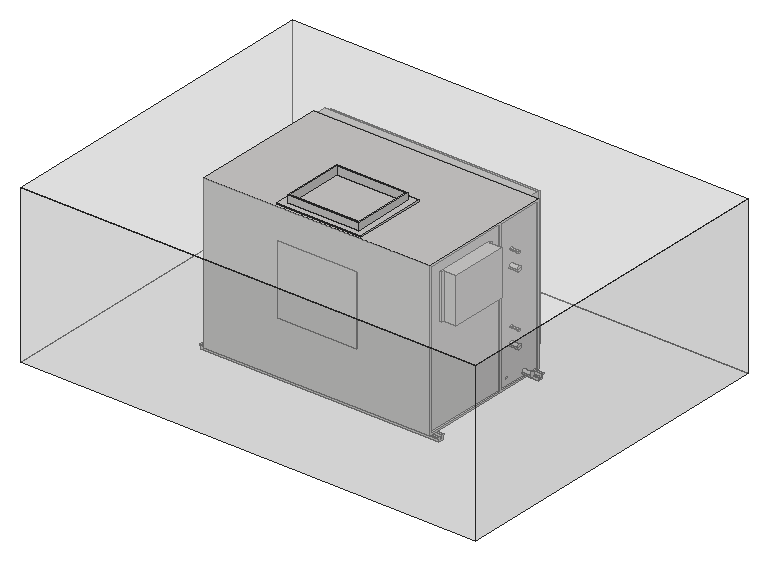
Revit family "outputfile", category 機械設備, Revit 2024
Family settings
  丸型コネクタ寸法 = 半径を使用
  パーツ タイプ = 標準
  OmniClass 番号 = 23.75.10.24.21.27.27
  OmniClass タイトル = Split System Air Conditioning Units
  作業面ベース = いいえ
  常に垂直 = はい
  ロード時にボイドで切り取り = いいえ
  注釈の向きを維持 = いいえ
  共有 = いいえ
  部屋計算ポイント = はい
Parameters (values of type "2FGN300HTL")
  Description = ""
  書き出し IFC クラス(タイプ) = "IfcUnitaryEquipmentType"
  定義済み IFC タイプ(タイプ) = "AIRCONDITIONINGUNIT"
  Cost = 0
  Type Comments = ""
  Keynote = ""
  Type Image = (empty or 0)
  Assembly Code = ""
  switch_frequency = yes
  lw_power = 930 mm
  lw_box = 97 mm
  lw_RA = 853 mm
  lh_liquidpipe_2 = 989 mm
  lh_height_SA = 482 mm
  lh_ld_mountinghole_height = 35 mm
  lh_height_RA = 1073 mm
  lh_hangerfixture = 35 mm
  lh_gaspipe_2 = 869 mm
  lh_box_top = 95 mm
  lh_box = 351 mm
  lh_SA = 1291 mm
  lh_RA = 659.5 mm
  ld_depth_SA = 301 mm
  ld_depth_RA = 130 mm
  ld_box_left = 115 mm
  ld_box = 490 mm
  connector_voltage = Voltage_60Hz  # 220 V
  connector_powerinput = [Power Input (Cooling)]  # 31.610 kW
  connector_phase = Phase_60Hz  # 3
  製造元 = "Daikin"
  モデル = "2FGN300HTL"
  w_pipe = 33 mm
  r_Liquid Pipe Size = Liquid Pipe Size / 2  # 7.95 mm
  r_Gas Pipe Size = Gas Pipe Size / 2  # 17.45 mm
  r_Drain Pipe Size = Drain Pipe Size / 2  # 17.0 mm
  lw_powersupply = lw_power  # 930 mm
  lw_width_RA = 1636 mm
  lw_width_SA = 560 mm
  lh_suctionflange [instance] = 100 mm
  ld_suctionflange [instance] = 190 mm
  ld_powersupply = 0 mm
  angle_vertical_RA [instance] = 90.00°
  angle horizontal_RA [instance] = 180.00°
  Voltage_comment_60Hz = "220"
  Voltage_60Hz = 220 V
  URL = ""
  Sound Power Level_H speed (dB) = 0
  Phase_60Hz = 3
  Minimum External Static Pressure = 0.00 Pa
  Minimum Circuit Amps_60Hz = 0.0 A
  Maximum Fuse Amps_60Hz = 0.0 A
  Maximum External Static Pressure = 200.00 Pa
  Material_Casing = DAIKIN_GalvanizedSteel_Casing_indoorunit
  lw_liquidpipe = 933 mm
  lw_gaspipe = 933 mm
  lw_mountinghole_pitch = 1826 mm
  lw_mountinghole = 1866 mm
  lw_drainpipe = 933 mm
  lh_powersupply = 785 mm
  lh_liquidpipe = 443 mm
  lh_gaspipe = 323 mm
  lh_mountinghole = 9 mm
  lh_drainpipe = 73 mm
  lh_antena = 1 mm
  ld_liquidpipe = 280.5 mm
  ld_gaspipe = 280.5 mm
  ld_mountinghole_pitch = 974 mm
  ld_drainpipe = 405.5 mm
  ld_controlbox = 626 mm
  h*** = 0 mm  # constant formula
  d_dischargeflange = 60 mm
  Width = 1766 mm
  Version = "ver.1.0"
  Unit Type = "Duct"
  Unit Mass Weight = 337.00 kg
  Unit Designation [instance] = ""
  Uniclass2015Version = "Products v1.30"
  Uniclass2015Title = "Split coil room air conditioning units"
  Uniclass2015Code = "Pr_70_65_03_86"
  Total Cooling Capacity [instance] = 0.000 kW
  Sound Pressure Level_M speed (dBA) = 0
  Sound Pressure Level_L speed (dBA) = 0
  Sound Pressure Level_H speed (dBA) = 66
  Series = "Package Aircon_Fan Coil Unit"
  Sensible Cooling Capacity [instance] = 0.000 kW
  SA Duct Size Width = 560 mm
  SA Duct Size Height = 482 mm
  Refrigerant Type = "R410A"
  RA Duct Size Width = 1636 mm
  RA Duct Size Height = 1073 mm
  Power Input (Cooling) = 31.610 kW
  Option Accessory 3 [instance] = ""
  Option Accessory 2 [instance] = ""
  Option Accessory 1 [instance] = ""
  Nominal Cooling Capacity = 87.925 kW
  Minimum Airflow = 0.00 m³/h
  Median Airflow = 0.00 m³/h
  Maximum Airflow = 15291.00 m³/h
  Load Classification = HVAC
  Liquid Pipe Size = 15.9 mm
  Link_Nested Family [instance] = ""
  IfcVersion = ""
  IfcExportType = "AIRCONDITIONINGUNIT"
  IfcExportAs = "IfcUnitaryEquipmentType"
  Height = 1231 mm
  Heat Exchanger Type = "Cross Fin Coil"
  Gas Pipe Size = 34.9 mm
  Frequency_60Hz = 60 Hz
  Fan Type = "Sirocco Fan"
  Fan Drive = "-"
  FCU Tag No. [instance] = ""
  Drain Pipe Size = 34.0 mm
  Design Supply Airflow [instance] = 0.00 m³/h
  Design Return Airflow [instance] = 0.00 m³/h
  Design External Static Pressure [instance] = 0.00 Pa
  Depth = 1069 mm
  既定の高さ = 0 mm
  Cooling Entering Wet Bulb Temperature [instance] = 0.00 °C
  Cooling Entering Dry Bulb Temperature [instance] = 0.00 °C
  Cooling Ambient Wet Bulb Temperature [instance] = 0.00 °C
  Cooling Ambient Dry Bulb Temperature [instance] = 0.00 °C
  Clearance visibility [instance] = yes
  Clearance Top = 0 mm
  Clearance Right = 1000 mm
  Clearance Rear = 800 mm
  Clearance Left = 800 mm
  Clearance Front = 800 mm
  Clearance Bottom = 0 mm
Reference planes
  plane 1 "Center (Front/Back)": y = 0
  plane 2: z = 0
  plane 3 "Center (Left/Right)": x = 0
  plane 4 "Back": y = 534.5
  plane 5 "Front": y = -534.5
  plane 6 "Left": x = -883
  plane 7 "Right": x = 883
  plane 8 "Top": z = 0
  plane 9 "Bottom": z = -1231
  plane 10: z = -788
  plane 11: z = -908
  plane 12: x = -913
  plane 13: x = 913
  plane 14: x = 933
  plane 15: x = 933
  plane 16: z = -1222
  plane 17 "Clearance Left": x = -1683
  plane 18 "Clearance Right": x = 1883
  plane 19 "Clearance Rear": y = 1334.5
  plane 20 "Clearance Front": y = -1334.5
  plane 21 "Clearance Bottom": z = -1231
  plane 22: z = -1158
  plane 23 "ld_gas": y = 280.5
  plane 24: y = 280.5
  plane 25: y = -30
  plane 26: y = 405.5
  plane 27: y = 344.5
  plane 28: x = 933
  plane 29: y = 487
  plane 30: y = -487
  plane 31: y = -233.5
  plane 32: y = 664.5
  plane 33 "Clearance Top": z = 0
  plane 34: z = -446
  plane 35: y = 0
  plane 36 "hangerfixture": z = -1196
  plane 37 "lh_SA": z = 60
  plane 38 "lh_RA": z = -571.5
  plane 39 "RA_center": x = -30
  plane 40: y = -524.5
  plane 41: y = 155.5
  plane 42: y = 524.5
  plane 43: z = -10
  plane 44: z = -1186
  plane 45: y = 165.5
  plane 46: y = -524.5
  plane 47: y = 155.5
  plane 48: y = 524.5
  plane 49: z = -10
  plane 50: z = -1186
  plane 51: y = 165.5
  plane 52: x = 883
  plane 53: x = 980
  plane 54: y = -419.5
  plane 55: y = -399.5
  plane 56: y = 50.5
  plane 57: y = 70.5
  plane 58 "box_bottom": z = -446
  plane 59 "box_top": z = -95
  plane 60: x = -310
  plane 61: x = 310
  plane 62: y = -534.5
  plane 63: y = -524.5
  plane 64 "lw_power": x = 930
  plane 65: z = -242
  plane 66: z = -362
Forms (mm)
  Extrusion 1, solid, material "DAIKIN_GalvanizedSteel_Casing_indoorunit" <- "Material_Casing"
    sketch origin (0, -0.8, 0) x (1, 0, 0) y (0, 1, 0)
      loop
        line (-883, -533.7) -> (883, -533.7) -> (883, 535.3) -> (-883, 535.3) -> (-883, -533.7)
    from -1196 to 0
  Revolve 2, solid, material "DAIKIN_GalvanizedSteel_Casing_indoorunit" <- "Material_Casing"
    sketch origin (0, 0, -908) x (0, -1, 0) y (1, 0, 0)
      loop
        line (-263.05, 863) -> (-263.05, 933) -> (-280.5, 933) -> (-280.5, 863) -> (-263.05, 863)
      axis (-280.5, 863) -> (-280.5, 933)
    angle from 0 to 360
  Revolve 3, solid, material "DAIKIN_GalvanizedSteel_Casing_indoorunit" <- "Material_Casing"
    sketch origin (0, 0, -788) x (0, -1, 0) y (1, 0, 0)
      loop
        line (-280.5, 863) -> (-280.5, 933) -> (-288.45, 933) -> (-288.45, 863) -> (-280.5, 863)
      axis (-280.5, 933) -> (-280.5, 863)
    angle from 0 to 360
  Extrusion 4, solid, material "DAIKIN_GalvanizedSteel_Casing_indoorunit" <- "Material_Casing"
    sketch origin (0, 0, 0) x (0, 1, 0) y (0, 0, 1)
      loop
        circle (405.5, -1158) r 17
    from 933 to 863
  Extrusion 5, void
    sketch origin (883, 0, 0) x (0, 1, 0) y (0, 0, 1)
      loop
        line (-524.5, -10) -> (-524.5, -1186) -> (155.5, -1186) -> (155.5, -10) -> (-524.5, -10)
      loop
        line (524.5, -10) -> (165.5, -10) -> (165.5, -1186) -> (524.5, -1186) -> (524.5, -10)
    from 0 to -20
  Extrusion 6, void
    sketch origin (-883, 0, 0) x (0, 1, 0) y (0, 0, 1)
      loop
        line (-524.5, -10) -> (-524.5, -1186) -> (155.5, -1186) -> (155.5, -10) -> (-524.5, -10)
      loop
        line (524.5, -10) -> (165.5, -10) -> (165.5, -1186) -> (524.5, -1186) -> (524.5, -10)
    from 0 to 20
  Extrusion 7, solid, material "DAIKIN_GalvanizedSteel_Casing_indoorunit" <- "Material_Casing"
    sketch origin (0, 0, 0) x (1, 0, 0) y (0, 1, 0)
      loop
        line (863, -419.5) -> (883, -419.5) -> (883, -399.5) -> (980, -399.5) -> (980, 50.5) -> (883, 50.5) -> (883, 70.5) -> (863, 70.5) -> (863, -419.5)
    from -446 to -95
  Extrusion 8, solid, material "DAIKIN_GalvanizedSteel_Casing_indoorunit" <- "Material_Casing"
    sketch origin (0, 0, -1231) x (-1, 0, 0) y (0, -1, 0)
      loop
        line (310, 524.5) -> (310, 534.5) -> (-310, 534.5) -> (-310, 524.5) -> (310, 524.5)
    from 444 to 986
  Revolve 9, solid, material "DAIKIN_GalvanizedSteel_Casing_indoorunit" <- "Material_Casing"
    sketch origin (0, 0, -362) x (0, -1, 0) y (1, 0, 0)
      loop
        line (-263.05, 863) -> (-263.05, 933) -> (-280.5, 933) -> (-280.5, 863) -> (-263.05, 863)
      axis (-280.5, 863) -> (-280.5, 933)
    angle from 0 to 360
  Revolve 10, solid, material "DAIKIN_GalvanizedSteel_Casing_indoorunit" <- "Material_Casing"
    sketch origin (0, 0, -242) x (0, -1, 0) y (1, 0, 0)
      loop
        line (-280.5, 863) -> (-280.5, 933) -> (-288.45, 933) -> (-288.45, 863) -> (-280.5, 863)
      axis (-280.5, 933) -> (-280.5, 863)
    angle from 0 to 360
  Extrusion 11, void
    sketch origin (883, 0, 0) x (0, 1, 0) y (0, 0, 1)
      loop
        circle (240, -1132) r 13.5
    from -21 to 0
Cuts and joins
  Extrusion 5, Extrusion 6, Extrusion 11 cuts Extrusion 1
  Extrusion 6 cuts Revolve 2
  Extrusion 6 cuts Revolve 3
  Extrusion 6 cuts Extrusion 4
Dimensions and locks
  equal spacing: plane 12, plane 3 "Center (Left/Right)", plane 13
  "lw_mountinghole_pitch": plane 12 to plane 13
  "lh_liquidpipe": plane 10 to plane 9 "Bottom"
  "lh_gaspipe": plane 11 to plane 9 "Bottom"
  equal spacing: plane 6 "Left", plane 3 "Center (Left/Right)", plane 7 "Right"
  "Width": plane 6 "Left" to plane 7 "Right"
  "Clearance Right": plane 7 "Right" to plane 18 "Clearance Right"
  "Clearance Left": plane 17 "Clearance Left" to plane 6 "Left"
  "Clearance Rear": plane 19 "Clearance Rear" to plane 4 "Back"
  "Clearance Front": plane 5 "Front" to plane 20 "Clearance Front"
  "Depth": plane 4 "Back" to plane 5 "Front"
  equal spacing: plane 4 "Back", plane 1 "Center (Front/Back)", plane 5 "Front"
  "ld_suctionflange": plane 4 "Back" to plane 27
  "r_Liquid Pipe Size": nested 5 to Revolve 3 sketch curve
  equal spacing: plane 29, plane 1 "Center (Front/Back)", plane 30
  "ld_mountinghole_pitch": plane 29 to plane 30
  "lw_liquidpipe": plane 3 "Center (Left/Right)" to plane 14
  "lw_gaspipe": plane 3 "Center (Left/Right)" to plane 15
  "lw_drainpipe": plane 3 "Center (Left/Right)" to plane 28
  "lh_drainpipe": plane 22 to plane 9 "Bottom"
  "Clearance Top": plane 33 "Clearance Top" to plane 8 "Top"
  "Clearance Bottom": plane 9 "Bottom" to plane 21 "Clearance Bottom"
  "lh_powersupply": plane 34 to plane 9 "Bottom"
  plane 8 "Top" to level = 0 mm
  "lh_hangerfixture": plane 36 "hangerfixture" to plane 9 "Bottom"
  "lh_SA": plane 37 "lh_SA" to plane 9 "Bottom"
  "ld_depth_RA": plane 32 to plane 4 "Back"
  "lh_RA": plane 38 "lh_RA" to plane 9 "Bottom"
  "lw_RA": plane 6 "Left" to plane 39 "RA_center"
  locked: plane 36 "hangerfixture" to plane 44 at 10
  plane 5 "Front" to plane 40 = 10 mm
  locked: plane 8 "Top" to plane 43 at 10
  plane 42 to plane 4 "Back" = 10 mm
  plane 40 to plane 41 = 680 mm
  locked: plane 45 to plane 42 at 359
  locked: plane 46 to plane 47 at 680
  locked: plane 51 to plane 48 at 359
  plane 5 "Front" to plane 46 = 10 mm
  plane 48 to plane 4 "Back" = 10 mm
  locked: plane 8 "Top" to plane 49 at 10
  locked: plane 50 to plane 36 "hangerfixture" at 10
  "ld_box_left": plane 54 to plane 5 "Front"
  "ld_box": plane 57 to plane 54
  locked: plane 55 to plane 54 at 20
  locked: plane 57 to plane 56 at 20
  cut or joined group of Extrusion 1, Extrusion 5, Extrusion 6, Extrusion 11 to plane 52 = 20 mm
  "lw_box": plane 7 "Right" to plane 53
  "lh_box_top": plane 8 "Top" to plane 59 "box_top"
  "lh_box": plane 59 "box_top" to plane 58 "box_bottom"
  plane 60 to plane 3 "Center (Left/Right)" to plane 61 = 310 mm locked, 310 mm locked
  "lw_power": plane 3 "Center (Left/Right)" to plane 64 "lw_power"
  "lh_gaspipe_2": plane 66 to plane 9 "Bottom"
  "lh_liquidpipe_2": plane 65 to plane 9 "Bottom"
  "ld_powersupply": plane 35 to plane 1 "Center (Front/Back)"
  "ld_drainpipe": plane 26 to plane 1 "Center (Front/Back)"
  "ld_gaspipe": plane 23 "ld_gas" to plane 1 "Center (Front/Back)"
  "r_Gas Pipe Size": plane 23 "ld_gas" to Revolve 9 sketch curve
  "r_Gas Pipe Size": plane 23 "ld_gas" to Revolve 2 sketch curve
  "r_Liquid Pipe Size": Revolve 10 sketch curve to plane 24
  "ld_liquidpipe": plane 24 to plane 1 "Center (Front/Back)"
  "ld_depth_SA": plane 31 to plane 5 "Front"
  locked: plane 62 to plane 5 "Front"
  locked: plane 63 to plane 62 at 10
  plane 1 "Center (Front/Back)" to Extrusion 11 sketch curve = 240 mm
  Extrusion 11 sketch curve to plane 9 "Bottom" = 99 mm
  "Height": plane 8 "Top" to plane 9 "Bottom"
  "lh_mountinghole": plane 16 to plane 9 "Bottom"
  "r_Drain Pipe Size": radius of Extrusion 4 sketch curve
  diameter of Extrusion 11 sketch curve = 27 mm
  aligned and locked: level to plane 2
  aligned and locked: plane 8 "Top" to Extrusion 1
  aligned and locked: Revolve 2 sketch curve to Revolve 2 sketch curve
  aligned and locked: plane 14 to nested 5
  aligned and locked: nested 5 to plane 10
  aligned and locked: plane 13 to nested 2
  aligned and locked: plane 12 to nested 3
  aligned and locked: plane 12 to nested 4
  aligned and locked: nested 6 to plane 11
  aligned and locked: plane 23 "ld_gas" to nested 6
  aligned and locked: plane 24 to nested 5
  aligned and locked: Extrusion 4 sketch curve to plane 26
  aligned and locked: nested 10 to plane 19 "Clearance Rear"
  aligned and locked: nested 10 to plane 18 "Clearance Right"
  aligned and locked: nested 10 to plane 17 "Clearance Left"
  aligned and locked: nested 10 to plane 20 "Clearance Front"
  aligned and locked: plane 28 to Extrusion 4
  aligned and locked: plane 15 to nested 6  (x2)
  aligned and locked: plane 13 to nested 1
  aligned and locked: plane 26 to nested 7
  aligned and locked: nested 7 to plane 22
  aligned and locked: nested 7 to plane 28
  aligned and locked: plane 29 to nested 1
  aligned and locked: plane 30 to nested 2
  aligned and locked: nested 4 to plane 29
  aligned and locked: nested 3 to plane 30
  aligned and locked: nested 9 to plane 4 "Back"
  aligned and locked: plane 32 to nested 13
  aligned and locked: plane 3 "Center (Left/Right)" to nested 12
  aligned and locked: nested 10 to plane 33 "Clearance Top"
  aligned and locked: nested 10 to plane 21 "Clearance Bottom"
  aligned and locked: nested 11 to plane 9 "Bottom"
  aligned and locked: plane 36 "hangerfixture" to Extrusion 1
  aligned and locked: Extrusion 1 to plane 5 "Front"
  aligned and locked: Extrusion 1 to plane 4 "Back"
  aligned and locked: plane 38 "lh_RA" to nested 9
  aligned and locked: nested 13 to plane 38 "lh_RA"
  aligned and locked: plane 39 "RA_center" to nested 9
  aligned and locked: nested 13 to plane 39 "RA_center"
  aligned and locked: Extrusion 5 sketch curve to plane 43
  aligned and locked: Extrusion 5 sketch curve to plane 40
  aligned and locked: plane 44 to Extrusion 5 sketch curve
  aligned and locked: Extrusion 5 sketch curve to plane 41
  aligned and locked: plane 43 to Extrusion 5 sketch curve
  aligned and locked: Extrusion 5 sketch curve to plane 42
  aligned and locked: Extrusion 5 sketch curve to plane 44
  aligned and locked: Extrusion 5 sketch curve to plane 45
  aligned and locked: Extrusion 6 sketch curve to plane 49
  aligned and locked: Extrusion 6 sketch curve to plane 46
  aligned and locked: plane 50 to Extrusion 6 sketch curve
  aligned and locked: Extrusion 6 sketch curve to plane 47
  aligned and locked: plane 49 to Extrusion 6 sketch curve
  aligned and locked: Extrusion 6 sketch curve to plane 48
  aligned and locked: Extrusion 6 sketch curve to plane 50
  aligned and locked: Extrusion 6 sketch curve to plane 51
  aligned and locked: cut or joined group of Extrusion 1, Extrusion 5, Extrusion 6, Extrusion 11 to Extrusion 7 sketch curve
  aligned and locked: plane 57 to Extrusion 7 sketch curve
  aligned and locked: plane 53 to Extrusion 7 sketch curve
  aligned and locked: Extrusion 7 sketch curve to plane 54
  aligned and locked: plane 59 "box_top" to Extrusion 7
  aligned and locked: Extrusion 7 to plane 58 "box_bottom"
  aligned and locked: Extrusion 8 sketch curve to plane 63
  aligned and locked: Extrusion 8 sketch curve to plane 60
  aligned and locked: plane 62 to Extrusion 8 sketch curve
  aligned and locked: plane 61 to Extrusion 8 sketch curve
  aligned and locked: Revolve 9 sketch curve to Revolve 9 sketch curve
  aligned and locked: nested 15 to plane 65
  aligned and locked: nested 16 to plane 66
  aligned and locked: Revolve 10 to plane 14
  aligned and locked: plane 14 to nested 15
  aligned and locked: plane 15 to cut or joined group of Revolve 2, Extrusion 6  (x3)
  aligned and locked: cut or joined group of Revolve 2, Extrusion 6 to plane 15
  aligned and locked: nested 14 to plane 35
  aligned and locked: Revolve 2 sketch curve to plane 23 "ld_gas"
  aligned and locked: plane 23 "ld_gas" to nested 16
  aligned and locked: plane 24 to nested 15
  aligned and locked: plane 37 "lh_SA" to nested 12
  aligned and locked: plane 37 "lh_SA" to nested 8
  aligned and locked: plane 31 to nested 12
  aligned and locked: plane 31 to nested 8
  aligned and locked: cut or joined group of Extrusion 1, Extrusion 5, Extrusion 6, Extrusion 11 to cut or joined group of Extrusion 4, Extrusion 6
  aligned and locked: cut or joined group of Extrusion 1, Extrusion 5, Extrusion 6, Extrusion 11 to Revolve 10
  aligned and locked: Revolve 9 to cut or joined group of Extrusion 1, Extrusion 5, Extrusion 6, Extrusion 11
  aligned and locked: cut or joined group of Extrusion 1, Extrusion 5, Extrusion 6, Extrusion 11 to cut or joined group of Revolve 3, Extrusion 6
  aligned and locked: cut or joined group of Revolve 2, Extrusion 6 to cut or joined group of Extrusion 1, Extrusion 5, Extrusion 6, Extrusion 11
  aligned and locked: plane 52 to Extrusion 7 sketch curve
  aligned and locked: Extrusion 7 sketch curve to plane 55
  aligned and locked: Extrusion 7 sketch curve to plane 56
  aligned and locked: Extrusion 7 sketch curve to plane 52
  aligned and locked: nested 14 to plane 64 "lw_power"
  aligned and locked: nested 14 to plane 34
Automatic sketch dimensions
  Extrusion 1 sketch curve to plane 4 "Back" = 0 mm
  Extrusion 1 sketch curve to plane 6 "Left" = 0 mm
  Extrusion 1 sketch curve to plane 5 "Front" = 0 mm
  Extrusion 1 sketch curve to plane 7 "Right" = 0 mm
  Revolve 3 sketch curve to plane 23 "ld_gas" = 0 mm  (x2)
  Revolve 3 sketch curve to plane 14 = 0 mm  (x2)
  Revolve 3 sketch curve to plane 7 "Right" = 20 mm
  plane 7 "Right" to Revolve 3 sketch curve = 15 mm
  Extrusion 4 sketch curve to plane 22 = 0 mm
  Revolve 10 sketch curve to plane 23 "ld_gas" = 0 mm  (x2)
  Revolve 10 sketch curve to plane 14 = 0 mm  (x2)
  Revolve 10 sketch curve to plane 7 "Right" = 20 mm
  plane 7 "Right" to Revolve 10 sketch curve = 15 mm
  Revolve 2 sketch curve to plane 14 = 0 mm
  Revolve 2 sketch curve to plane 7 "Right" = 20 mm
  plane 7 "Right" to Revolve 2 sketch curve = 2.003 mm
  plane 14 to Revolve 2 sketch curve = 1.003 mm
  Revolve 9 sketch curve to plane 23 "ld_gas" = 0 mm
  Revolve 9 sketch curve to plane 14 = 0 mm
  Revolve 9 sketch curve to plane 7 "Right" = 20 mm
  plane 7 "Right" to Revolve 9 sketch curve = 2.003 mm
  plane 14 to Revolve 9 sketch curve = 1.003 mm
Nested families
  nested 1: "daikin_mountinghole" at (913, 487, -1231), Link_Nested Family <- "Link_Nested Family", h_mountinghole <- "lh_mountinghole", l_antenna <- "lh_antena", type "daikin_mountinghole"
    with show yes, l_antenna 1 mm, h_mountinghole 9 mm, Link_Nested Family "", d_circle 23 mm
  nested 2: "daikin_mountinghole" at (913, -487, -1231), Link_Nested Family <- "Link_Nested Family", h_mountinghole <- "lh_mountinghole", l_antenna <- "lh_antena", type "daikin_mountinghole"
    with show yes, l_antenna 1 mm, h_mountinghole 9 mm, Link_Nested Family "", d_circle 23 mm
  nested 3: "daikin_mountinghole" at (-913, -487, -1231), Link_Nested Family <- "Link_Nested Family", h_mountinghole <- "lh_mountinghole", l_antenna <- "lh_antena", type "daikin_mountinghole"
    with show yes, l_antenna 1 mm, h_mountinghole 9 mm, Link_Nested Family "", d_circle 23 mm
  nested 4: "daikin_mountinghole" at (-913, 487, -1231), Link_Nested Family <- "Link_Nested Family", h_mountinghole <- "lh_mountinghole", l_antenna <- "lh_antena", type "daikin_mountinghole"
    with show yes, l_antenna 1 mm, h_mountinghole 9 mm, Link_Nested Family "", d_circle 23 mm
  nested 5: "daikin_connector_rotate2" at (0, 280.5, -788) x (0, 1, 0) z (0, 0, 1), length <- "lw_liquidpipe", built-in parameter 1001364 <- "lh_liquidpipe", radius <- "r_Liquid Pipe Size", type "daikin_connector_rotate2"
    with radius 7.95 mm, length 933 mm, angle_vertical 90.00°
  nested 6: "daikin_connector_rotate2" at (0, 280.5, -908) x (0, 1, 0) z (0, 0, 1), length <- "lw_gaspipe", built-in parameter 1001364 <- "lh_gaspipe", radius <- "r_Gas Pipe Size", type "daikin_connector_rotate2"
    with radius 17.45 mm, length 933 mm, angle_vertical 90.00°
  nested 7: "daikin_connector_rotate2" at (0, 405.5, -1158) x (0, 1, 0) z (0, 0, 1), built-in parameter 1001364 <- "lh_drainpipe", length <- "lw_drainpipe", radius <- "r_Drain Pipe Size", type "daikin_connector_rotate2"
    with radius 17 mm, length 933 mm, angle_vertical 90.00°
  nested 8: "daikin_connector_rotate2" at (0, -233.5, 0) x (1, 0, 0) z (0, 1, 0), length <- "d_dischargeflange", type "daikin_connector_rotate2"
    with radius 10 mm, length 60 mm, angle_vertical 90.00°
  nested 9: "daikin_ductflange_2FGN-HTL" at (-30, 534.5, -571.5), material <- "Material_Casing", width <- "lw_width_RA", height <- "lh_height_RA", depth <- "ld_depth_RA", type "daikin_ductflange_2FGN-HTL"
    with width 1636 mm, material DAIKIN_GalvanizedSteel_Casing_indoorunit, height 1073 mm, depth 130 mm
  nested 10: "daikin_clearancespace" at (100, 0, -615.381), visible <- "Clearance visibility", show <- "Clearance visibility", Link_Nested Family <- "Link_Nested Family", type "daikin_clearancespace"
    with width 3566 mm, show yes, height 1231 mm, depth 2669 mm, Link_Nested Family ""
  nested 11: "daikin_hangerfixture_2FGN-HTL" at (0, 0, -1231), type "daikin_hangerfixture_2FGN-HTL"
  nested 12: "daikin_ductflange_2FGN-HTL_1" at (0, -422.901, 0) x (1, 0, 0) z (0, 1, 0), width <- "lw_width_SA", material <- "Material_Casing", height <- "lh_height_SA", depth <- "d_dischargeflange", type "daikin_ductflange_2FGN-HTL_1"
    with width 560 mm, t 10 mm, material DAIKIN_GalvanizedSteel_Casing_indoorunit, height 482 mm, depth 60 mm
  nested 13: "daikin_connector_rotate2" at (-30, 534.5, -571.5) x (-1, 0, 0) z (0, 0, 1), length <- "ld_depth_RA", type "daikin_connector_rotate2"
    with radius 10 mm, length 130 mm, angle_vertical 90.00°
  nested 14: "daikin_connector_rotate2" at (930, 0, -95) x (0, 1, 0) z (1, 0, 0), length <- "lh_box", type "daikin_connector_rotate2"
    with radius 10 mm, length 351 mm, angle_vertical 90.00°
  nested 15: "daikin_connector_rotate2" at (0, 280.5, -242) x (0, 1, 0) z (0, 0, 1), length <- "lw_liquidpipe", built-in parameter 1001364 <- "lh_liquidpipe", radius <- "r_Liquid Pipe Size", type "daikin_connector_rotate2"
    with radius 7.95 mm, length 933 mm, angle_vertical 90.00°
  nested 16: "daikin_connector_rotate2" at (0, 280.5, -362) x (0, 1, 0) z (0, 0, 1), length <- "lw_gaspipe", built-in parameter 1001364 <- "lh_gaspipe", radius <- "r_Gas Pipe Size", type "daikin_connector_rotate2"
    with radius 17.45 mm, length 933 mm, angle_vertical 90.00°
Connectors
  piping at (933, 280.5, -908), diameter 34.9, driven by "r_Gas Pipe Size"
    settings: on nested 6, index 1, connector inside diameter 609.6 mm, connector length 0 mm, flow factor 0, pipe flow 0.00 m³/h, pressure drop 0.0 Pa, fitting loss kfactor 0, connector angle 0.00°, fixture units 0, engagement length 0 mm, angle of deflection 0.00°, flow configuration 1, flow direction 2, fitting loss method 0, system type 29, joint type 0, gender type 0, connector reference index -1, connector utility 0, adjustable connector no, is connector primary yes, connector description "Refrigerant Gas Piping"
  piping at (933, 280.5, -788), diameter 15.9, driven by "r_Liquid Pipe Size"
    settings: on nested 5, index 2, connector inside diameter 609.6 mm, connector length 0 mm, flow factor 0, pipe flow 0.00 m³/h, pressure drop 0.0 Pa, fitting loss kfactor 0, connector angle 0.00°, fixture units 0, engagement length 0 mm, angle of deflection 0.00°, flow configuration 1, flow direction 1, fitting loss method 0, system type 29, joint type 0, gender type 0, connector reference index -1, connector utility 0, adjustable connector no, is connector primary no, connector description "Refrigerant Liquid Piping"
  piping at (933, 405.5, -1158), diameter 34, driven by "r_Drain Pipe Size"
    settings: on nested 7, index 3, connector inside diameter 609.6 mm, connector length 0 mm, flow factor 0, pipe flow 0.00 m³/h, pressure drop 0.0 Pa, fitting loss kfactor 0, connector angle 0.00°, fixture units 0, engagement length 0 mm, angle of deflection 0.00°, flow configuration 1, flow direction 2, fitting loss method 4, system type 16, joint type 0, gender type 0, connector reference index -1, connector utility 0, adjustable connector no, is connector primary no, connector description "Condensate Drain Piping"
  hvac at (0, -233.5, 60), driven by "SA Duct Size Height", driven by "SA Duct Size Width"
    settings: on nested 8, index 7, duct flow 0.00 m³/h, flow factor 0, pres drop 0.00 Pa, loss coef 0, conn angle 0.00°, conn width 560.0 mm, conn height 482.0 mm, conn diameter 609.6 mm, duct sys type 1, conn prof type 1, flow config 0, flow direction 2, loss method 4, conn ref index -1, conn util no, is conn primary yes, conn desc "SA Duct"
  hvac at (-30, 664.5, -571.5), driven by "RA Duct Size Width", driven by "RA Duct Size Height"
    settings: on nested 13, index 8, duct flow 0.00 m³/h, flow factor 0, pres drop 0.00 Pa, loss coef 0, conn angle 0.00°, conn width 1636.0 mm, conn height 1073.0 mm, conn diameter 609.6 mm, duct sys type 2, conn prof type 1, flow config 0, flow direction 1, loss method 4, conn ref index -1, conn util no, is conn primary no, conn desc "RA Duct"
  electrical at (930, 0, -446), driven by "Load Classification", driven by "connector_phase", driven by "connector_powerinput", driven by "connector_voltage"
    settings: on nested 14, index 9, voltage 220 V, apparent load 31610 VA, apparent load phase1 0 VA, apparent load phase2 0 VA, apparent load phase3 0 VA, power factor 1, load classification "HVAC", number of poles 3, system type 30, power factor state 1, is connector primary yes, connector utility no, sub classification motor no, connector description "Power Supply"
  piping at (933, 280.5, -362), diameter 34.9, driven by "r_Gas Pipe Size"
    settings: on nested 16, index 10, connector inside diameter 609.6 mm, connector length 0 mm, flow factor 0, pipe flow 0.00 m³/h, pressure drop 0.0 Pa, fitting loss kfactor 0, connector angle 0.00°, fixture units 0, engagement length 0 mm, angle of deflection 0.00°, flow configuration 1, flow direction 2, fitting loss method 0, system type 29, joint type 0, gender type 0, connector reference index -1, connector utility 0, adjustable connector no, is connector primary no, connector description "Refrigerant Gas Piping"
  piping at (933, 280.5, -242), diameter 15.9, driven by "r_Liquid Pipe Size"
    settings: on nested 15, index 11, connector inside diameter 609.6 mm, connector length 0 mm, flow factor 0, pipe flow 0.00 m³/h, pressure drop 0.0 Pa, fitting loss kfactor 0, connector angle 0.00°, fixture units 0, engagement length 0 mm, angle of deflection 0.00°, flow configuration 1, flow direction 1, fitting loss method 0, system type 29, joint type 0, gender type 0, connector reference index -1, connector utility 0, adjustable connector no, is connector primary no, connector description "Refrigerant Liquid Piping"
Definition of nested family "daikin_ductflange_2FGN-HTL"
  Parameters (values of type "daikin_ductflange_2FDN200HTL")
    width [instance] = 1636 mm
    material [instance] = none
    height [instance] = 747 mm
    depth [instance] = 130 mm
    Default Elevation = 0 mm
  Reference planes
    plane 1 "Center (Front/Back)": y = 0
    plane 2: z = 0
    plane 3 "Center (Left/Right)": x = 0
    plane 4: x = -818
    plane 5: x = 818
    plane 6: z = 373.5
    plane 7: z = -373.5
    plane 8: y = 90
    plane 9: y = 130
    plane 10: x = -813
    plane 11: x = 813
    plane 12: z = -368.5
    plane 13: z = 368.5
    plane 14: x = -833
    plane 15: x = 833
    plane 16: z = 393.5
    plane 17: z = -373.5
  Forms (mm)
    Extrusion 1, solid, material <- "material"
      sketch origin (0, 0, 0) x (1, 0, 0) y (0, 0, 1)
        loop
          line (-833, 393.5) -> (-833, -373.5) -> (833, -373.5) -> (833, 393.5) -> (-833, 393.5)
        loop
          line (-813, 368.5) -> (-813, -368.5) -> (813, -368.5) -> (813, 368.5) -> (-813, 368.5)
      from 0 to -90
    Extrusion 2, solid, material <- "material"
      sketch origin (0, 0, 0) x (1, 0, 0) y (0, 0, 1)
        loop
          line (-818, 373.5) -> (-818, -373.5) -> (818, -373.5) -> (818, 373.5) -> (-818, 373.5)
        loop
          line (813, 368.5) -> (-813, 368.5) -> (-813, -368.5) -> (813, -368.5) -> (813, 368.5)
      from -130 to -90
  Cuts and joins
    joined: Extrusion 1, Extrusion 2
  Dimensions and locks
    equal spacing: plane 5, plane 3 "Center (Left/Right)", plane 4
    "width": plane 5 to plane 4
    equal spacing: plane 6, level, plane 7
    "height": plane 6 to plane 7
    locked: plane 1 "Center (Front/Back)" to plane 8 at 90
    "depth": plane 1 "Center (Front/Back)" to plane 9
    plane 6 to plane 13 = 5 mm
    plane 12 to plane 7 = 5 mm
    plane 5 to plane 11 = 5 mm
    plane 10 to plane 4 = 5 mm
    plane 4 to plane 14 = 15 mm
    plane 15 to plane 5 = 15 mm
    locked: plane 16 to plane 6 at 20
    locked: plane 7 to plane 17
    aligned and locked: level to plane 2
    aligned and locked: Extrusion 1 to plane 8
    aligned and locked: plane 1 "Center (Front/Back)" to Extrusion 1
    aligned and locked: Extrusion 2 to plane 9
    aligned and locked: Extrusion 2 to Extrusion 1
    aligned and locked: plane 13 to Extrusion 2 sketch curve
    aligned and locked: plane 11 to Extrusion 2 sketch curve
    aligned and locked: Extrusion 2 sketch curve to plane 12
    aligned and locked: Extrusion 2 sketch curve to plane 10
    aligned and locked: Extrusion 1 sketch curve to plane 16
    aligned and locked: plane 14 to Extrusion 1 sketch curve
    aligned and locked: plane 17 to Extrusion 1 sketch curve
    aligned and locked: Extrusion 1 sketch curve to plane 15
  Automatic sketch dimensions
    Extrusion 2 sketch curve to plane 4 = 0 mm
    Extrusion 2 sketch curve to plane 5 = 0 mm
    Extrusion 2 sketch curve to plane 7 = 0 mm
    Extrusion 2 sketch curve to plane 6 = 0 mm
    plane 4 to Extrusion 1 sketch curve = 5 mm
    Extrusion 1 sketch curve to plane 5 = 5 mm
    plane 7 to Extrusion 1 sketch curve = 5 mm
    Extrusion 1 sketch curve to plane 6 = 5 mm
Definition of nested family "daikin_clearancespace"
  Parameters (values of type "daikin_clearancespace")
    Description = "daikin_clearancespace"
    width [instance] = 1823.963 mm
    show [instance] = yes
    material = none
    height [instance] = 1359.762 mm
    depth [instance] = 880 mm
    Default Elevation = 0 mm
    Link_Nested Family [instance] = ""
  Reference planes
    plane 1 "Center (Front/Back)": y = 0
    plane 2 "Center (Elevation)": z = -0.119
    plane 3 "Center (Left/Right)": x = 0
    plane 4: y = 440
    plane 5: y = -440
    plane 6 "Right": x = 911.982
    plane 7 "Left": x = -911.982
    plane 8 "Top": z = 679.762
    plane 9 "Bottom": z = -680
  Forms (mm)
    Extrusion 1, solid, material <- "material", visible <- "show"
      sketch origin (0, 0, 0) x (1, 0, 0) y (0, 1, 0)
        loop
          line (-911.982, 440) -> (-911.982, -440) -> (911.982, -440) -> (911.982, 440) -> (-911.982, 440)
      from -680 to 679.762
  Lines and regions (mm)
    symbolic lines, visible <- "show"
      curve 1: line (911.982, 440, 0) -> (-911.982, 440, 0)
      curve 2: line (-911.982, 440, 0) -> (-911.982, -440, 0)
      curve 3: line (-911.982, -440, 0) -> (911.982, -440, 0)
      curve 4: line (911.982, -440, 0) -> (911.982, 440, 0)
      curve 5: line (911.982, 0, 679.762) -> (-911.982, 0, 679.762)
      curve 6: line (911.982, 0, -680) -> (911.982, 0, 679.762)
      curve 7: line (-911.982, 0, -680) -> (911.982, 0, -680)
      curve 8: line (-911.982, 0, 679.762) -> (-911.982, 0, -680)
      curve 9: line (0, 440, 679.762) -> (0, -440, 679.762)
      curve 10: line (0, -440, 679.762) -> (0, -440, -680)
      curve 11: line (0, 440, -680) -> (0, 440, 679.762)
      curve 12: line (0, -440, -680) -> (0, 440, -680)
  Dimensions and locks
    "width": plane 7 "Left" to plane 6 "Right"
    "depth": plane 4 to plane 5
    "height": plane 8 "Top" to plane 9 "Bottom"
    equal spacing: plane 7 "Left", plane 3 "Center (Left/Right)", plane 6 "Right"
    equal spacing: plane 4, plane 1 "Center (Front/Back)", plane 5
    equal spacing: plane 8 "Top", plane 2 "Center (Elevation)", plane 9 "Bottom"
    aligned and locked: level to plane 2 "Center (Elevation)"
    aligned and locked: Extrusion 1 sketch curve to plane 4
    aligned and locked: plane 7 "Left" to Extrusion 1 sketch curve
    aligned and locked: Extrusion 1 sketch curve to plane 5
    aligned and locked: Extrusion 1 sketch curve to plane 6 "Right"
    aligned and locked: plane 8 "Top" to Extrusion 1
    aligned and locked: curve 1 to Extrusion 1
    aligned and locked: curve 2 to Extrusion 1
    aligned and locked: curve 3 to Extrusion 1
    aligned and locked: curve 4 to Extrusion 1
    aligned and locked: curve 5 to Extrusion 1
    aligned and locked: curve 6 to Extrusion 1
    aligned and locked: curve 7 to Extrusion 1
    aligned and locked: curve 8 to Extrusion 1
    aligned and locked: curve 9 to Extrusion 1
    aligned and locked: curve 10 to Extrusion 1
    aligned and locked: curve 11 to Extrusion 1
    aligned and locked: curve 12 to Extrusion 1
    aligned and locked: Extrusion 1 to plane 9 "Bottom"
Definition of nested family "daikin_hangerfixture_2FGN-HTL"
  Parameters (values of type "daikin_hangerfixture_2FDN200HTL")
    width = 1826 mm
    material = none
    height = 35 mm
    e = 40 mm
    depth = 974 mm
    Default Elevation = 0 mm
    G = 1866 mm
    E = 50 mm
  Reference planes
    plane 1 "Center (Front/Back)": y = 0
    plane 2: z = 0
    plane 3 "Center (Left/Right)": x = 0
    plane 4: x = 913
    plane 5: x = -913
    plane 6: z = 35
    plane 7: y = 487
    plane 8: y = -487
    plane 9: x = -933
    plane 10: x = 933
    plane 11: y = 527
    plane 12: y = -527
  Forms (mm)
    Extrusion 1, solid
      sketch origin (0, 0, 0) x (0, 1, 0) y (0, 0, 1)
        loop
          line (-505, 0) -> (-469, 0) -> (-469, 30) -> (-458, 30) -> (-458, 35) -> (-474, 35) -> (-474, 5) -> (-500, 5) -> (-500, 35) -> (-518, 35) -> (-518, 30) -> (-505, 30) -> (-505, 0)
        loop
          line (505, 0) -> (505, 30) -> (518, 30) -> (518, 35) -> (500, 35) -> (500, 5) -> (474, 5) -> (474, 35) -> (458, 35) -> (458, 30) -> (469, 30) -> (469, 0) -> (505, 0)
      from -933 to 933
    Extrusion 2, void
      sketch origin (0, 0, 0) x (1, 0, 0) y (0, 1, 0)
        loop
          circle (-913, 487) r 11.5
        loop
          circle (-913, -487) r 11.5
        loop
          circle (913, -487) r 11.5
        loop
          circle (913, 487) r 11.5
      from 0 to 9
  Cuts and joins
    Extrusion 2 cuts Extrusion 1
  Dimensions and locks
    "width": plane 5 to plane 4
    equal spacing: plane 5, plane 3 "Center (Left/Right)", plane 4
    "depth": plane 8 to plane 7
    equal spacing: plane 8, plane 1 "Center (Front/Back)", plane 7
    "height": plane 6 to level
    "e": plane 7 to plane 11
    "e": plane 12 to plane 8
    equal spacing: plane 9, plane 3 "Center (Left/Right)", plane 10
    "G": plane 9 to plane 10
    aligned and locked: level to plane 2
    aligned and locked: Extrusion 1 to plane 9
    aligned and locked: plane 10 to Extrusion 1
    aligned and locked: plane 7 to Extrusion 2 sketch curve  (x2)
    aligned and locked: plane 5 to Extrusion 2 sketch curve  (x2)
    aligned and locked: plane 8 to Extrusion 2 sketch curve  (x2)
    aligned and locked: plane 4 to Extrusion 2 sketch curve  (x2)
  Automatic sketch dimensions
    Extrusion 1 sketch curve to plane 6 = 0 mm  (x4)
    Extrusion 1 sketch curve to level = 0 mm  (x2)
    Extrusion 1 sketch curve to plane 6 = 5 mm  (x3)
    Extrusion 1 sketch curve to plane 12 = 9 mm
    Extrusion 1 sketch curve to Extrusion 1 sketch curve = 13 mm  (x2)
    Extrusion 1 sketch curve to Extrusion 1 sketch curve = 5 mm  (x5)
    Extrusion 1 sketch curve to plane 8 = 13 mm
    Extrusion 1 sketch curve to Extrusion 1 sketch curve = 11 mm
    plane 7 to Extrusion 1 sketch curve = 29 mm
    plane 7 to Extrusion 1 sketch curve = 18 mm
    Extrusion 1 sketch curve to plane 7 = 13 mm
    level to Extrusion 1 sketch curve = 5 mm  (x2)
    radius of Extrusion 2 sketch curve = 11.5 mm  (x4)
Definition of nested family "daikin_ductflange_2FGN-HTL_1"
  Parameters (values of type "daikin_ductflange_2FDN200HTL_1")
    width [instance] = 474 mm
    t [instance] = 10 mm
    material [instance] = none
    height [instance] = 408 mm
    depth [instance] = 60 mm
    Default Elevation = 0 mm
  Reference planes
    plane 1 "Center (Front/Back)": y = 0
    plane 2: z = 189.401
    plane 3 "Center (Left/Right)": x = 0
    plane 4: y = 0
    plane 5: y = -60
    plane 6: y = -10
    plane 7: z = 393.401
    plane 8: z = -14.599
    plane 9: x = -227
    plane 10: x = 227
    plane 11: x = -237
    plane 12: x = 237
    plane 13: z = 383.401
    plane 14: z = -4.599
    plane 15: x = -287
    plane 16: z = 433.401
    plane 17: z = -54.599
    plane 18: x = 287
  Forms (mm)
    Extrusion 1, solid, material <- "material"
      sketch origin (0, 0, 0) x (1, 0, 0) y (0, 0, 1)
        loop
          line (-237, 393.401) -> (-237, -14.599) -> (237, -14.599) -> (237, 393.401) -> (-237, 393.401)
        loop
          line (-227, 383.401) -> (-227, -4.599) -> (227, -4.599) -> (227, 383.401) -> (-227, 383.401)
      from 10 to 60
    Extrusion 2, solid, material <- "material"
      sketch origin (0, 0, 0) x (1, 0, 0) y (0, 0, 1)
        loop
          line (-287, 433.401) -> (-287, -54.599) -> (287, -54.599) -> (287, 433.401) -> (-287, 433.401)
        loop
          line (-227, 383.401) -> (-227, -4.599) -> (227, -4.599) -> (227, 383.401) -> (-227, 383.401)
      from 0 to 10
  Cuts and joins
    joined: Extrusion 1, Extrusion 2
  Dimensions and locks
    plane 4 to plane 1 "Center (Front/Back)" = 0 mm
    "depth": plane 5 to plane 4
    plane 6 to plane 4 = 10 mm
    equal spacing: plane 7, level, plane 8
    "height": plane 7 to plane 8
    equal spacing: plane 10, plane 3 "Center (Left/Right)", plane 9
    "t": plane 9 to plane 11
    "t": plane 12 to plane 10
    "t": plane 7 to plane 13
    "t": plane 14 to plane 8
    plane 11 to plane 15 = 50 mm
    plane 18 to plane 12 = 50 mm
    plane 16 to plane 7 = 40 mm
    plane 8 to plane 17 = 40 mm
    "width": plane 12 to plane 11
    aligned and locked: level to plane 2
    aligned and locked: Extrusion 1 sketch curve to plane 7
    aligned and locked: plane 11 to Extrusion 1 sketch curve
    aligned and locked: plane 8 to Extrusion 1 sketch curve
    aligned and locked: Extrusion 1 sketch curve to plane 12
    aligned and locked: Extrusion 1 sketch curve to plane 13
    aligned and locked: plane 9 to Extrusion 1 sketch curve
    aligned and locked: plane 14 to Extrusion 1 sketch curve
    aligned and locked: Extrusion 1 sketch curve to plane 10
    aligned and locked: plane 6 to Extrusion 1
    aligned and locked: Extrusion 1 to plane 5
    aligned and locked: Extrusion 2 sketch curve to plane 16
    aligned and locked: plane 15 to Extrusion 2 sketch curve
    aligned and locked: plane 17 to Extrusion 2 sketch curve
    aligned and locked: Extrusion 2 sketch curve to plane 18
    aligned and locked: Extrusion 2 sketch curve to Extrusion 1  (x4)
    aligned and locked: Extrusion 2 to plane 1 "Center (Front/Back)"
    aligned and locked: Extrusion 2 to plane 6
  Automatic sketch dimensions
    Extrusion 2 sketch curve to plane 15 = 0 mm
Definition of nested family "daikin_mountinghole"
  Parameters (values of type "daikin_mountinghole")
    Default Elevation = 1219.2 mm
    Type Comments = "mountinghole"
    show [instance] = yes
    material = none
    l_centerline = 100 mm
    l_antenna [instance] = 100 mm
    h_mountinghole [instance] = 0 mm
    d_circle = 30 mm
    Link_Nested Family [instance] = ""
  Reference planes
    plane 1 "Center (Front/Back)": y = 0
    plane 2: z = 0
    plane 3 "Center (Left/Right)": x = 0
    plane 4: y = 50
    plane 5: x = -50
    plane 6: x = 50
    plane 7: y = -50
    plane 8 "h_mountinghole": z = 0
    plane 9: z = 100
  Lines and regions (mm)
    model lines, detail levels fine
      curve 1: circle (0, 0, 0) r 15 normal (0, 0, 1)
      curve 2: line (-50, 0, 0) -> (50, 0, 0)
      curve 3: line (0, 50, 0) -> (0, -50, 0)
    symbolic lines, detail levels fine
      curve 4: circle (0, 0, 0) r 15 normal (0, 0, 1)
      curve 5: line (-50, 0, 0) -> (50, 0, 0)
      curve 6: line (0, 50, 0) -> (0, -50, 0)
    model lines
      curve 7: line (0, 0, 100) -> (0, 0, 0)
  Dimensions and locks
    equal spacing: plane 4, plane 1 "Center (Front/Back)", plane 7
    "l_centerline": plane 4 to plane 7
    equal spacing: plane 5, plane 3 "Center (Left/Right)", plane 6
    "l_centerline": plane 5 to plane 6
    "l_antenna": plane 9 to plane 8 "h_mountinghole"
    "h_mountinghole": plane 8 "h_mountinghole" to plane 2
    "d_circle": diameter of curve 1
    "d_circle": diameter of curve 4
    aligned and locked: level to plane 2
    aligned and locked: plane 1 "Center (Front/Back)" to curve 1
    aligned and locked: plane 3 "Center (Left/Right)" to curve 1
    aligned and locked: plane 1 "Center (Front/Back)" to curve 2
    aligned and locked: curve 3 to plane 3 "Center (Left/Right)"
    aligned and locked: plane 6 to curve 2
    aligned and locked: plane 5 to curve 2
    aligned and locked: plane 4 to curve 3
    aligned and locked: plane 7 to curve 3
    aligned and locked: plane 1 "Center (Front/Back)" to curve 4
    aligned and locked: plane 3 "Center (Left/Right)" to curve 4
    aligned and locked: plane 6 to curve 5
    aligned and locked: plane 5 to curve 5
    aligned and locked: plane 1 "Center (Front/Back)" to curve 5
    aligned and locked: plane 4 to curve 6
    aligned and locked: plane 7 to curve 6
    aligned and locked: curve 6 to plane 3 "Center (Left/Right)"
    aligned and locked: curve 7 to plane 3 "Center (Left/Right)"
    aligned and locked: plane 9 to curve 7
    aligned and locked: plane 8 "h_mountinghole" to curve 7
Definition of nested family "daikin_connector_rotate2"
  Parameters (values of type "daikin_connector_rotate2")
    show_face = no
    radius [instance] = 10 mm
    length [instance] = 600 mm
    d_surface = 10 mm
    angle_vertical [instance] = 90.00°
    Default Elevation = 0 mm
  Reference planes
    plane 1 "Center (Front/Back)": y = 0
    plane 2: z = 0
    plane 3 "Center (Left/Right)": x = 0
  Forms (mm)
    Extrusion 1, solid, visible <- "show_face"
      sketch origin (0, -600, 0) x (1, 0, 0) y (0, 0, 1)
        loop
          circle (0, 0) r 10
      from 0 to -10
  Lines and regions (mm)
    reference lines
      curve 1: line (0, 0, 0) -> (0, -600, 0)
    symbolic lines
      curve 2: circle (0, 0, 0) r 5 normal (0, 0, 1)
    model lines, visible <- "show_face"
      curve 3: line (0, 0, 0) -> (0, -600, 0)
  Dimensions and locks
    "length": curve 1 to curve 1
    "length": curve 3 to curve 3
    "d_surface": Extrusion 1 to Extrusion 1
    "radius": radius of Extrusion 1 sketch curve
    "angle_vertical": angle curve 1 to plane 1 "Center (Front/Back)"
    "angle_vertical": angle curve 3 to plane 1 "Center (Front/Back)"
    aligned and locked: level to plane 2
    aligned and locked: plane 1 "Center (Front/Back)" to curve 1
    aligned and locked: plane 2 to curve 1
    aligned and locked: plane 1 "Center (Front/Back)" to curve 2
    aligned and locked: plane 3 "Center (Left/Right)" to curve 2
    aligned and locked: plane 1 "Center (Front/Back)" to curve 3
    aligned and locked: plane 2 to curve 3
    aligned and locked: Extrusion 1 to Extrusion 1
  Automatic sketch dimensions
    Extrusion 1 sketch curve to level = 0 mm
    Extrusion 1 sketch curve to plane 3 "Center (Left/Right)" = 0 mm
    radius of curve 2 = 5 mm
